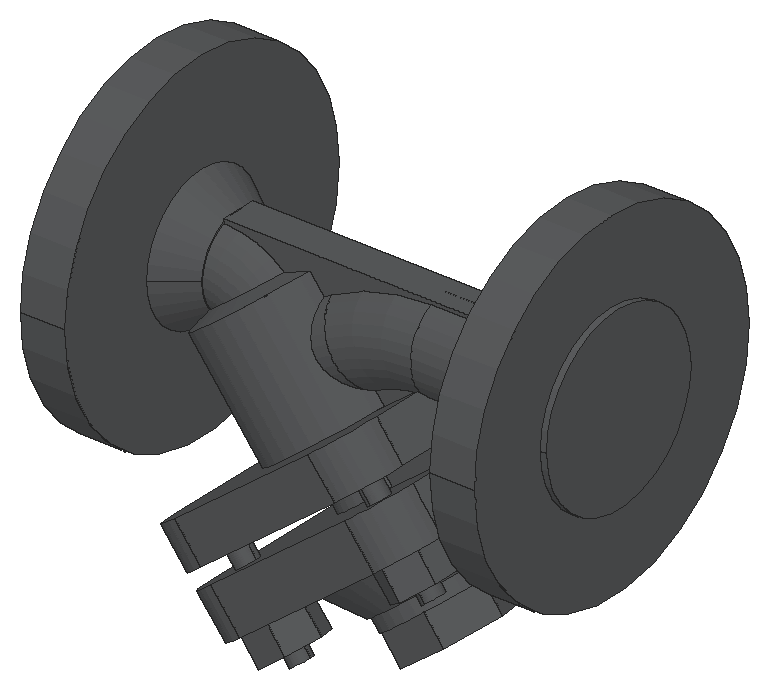
Revit family "FVF_DN15-300_PN16_RFA_1", category Pipe Accessories, Revit 2019
Family settings
  Round Connector Dimension = Use Diameter
  Part Type = Valve - Breaks Into
  OmniClass Number = 23.65.55.14.14
  OmniClass Title = Isolation Valves for Liquid Services
  Work Plane-Based = No
  Always vertical = Yes
  Cut with Voids When Loaded = No
  Shared = No
Parameters (values of type "FVF_DN15_PN16_065B7740")
  Weight = 2.20 kg
  W = D2  # 95 mm
  URL = "https://store.danfoss.com/en/Climate-Solutions-for-heating/Strainers/Strainers-for-District-Heating-and-District-Cooling/c/4071?q=%3Arelevance%3Adanfoss_producttypehierarchydesc%3Ac0f3d6ea79d70004a3a14d8528cae98d95d6f5b5&text="
  Pressure Drop [instance] = 0.0 Pa
  Number of meshes = "150/cm2"
  Nominal Pressure = "PN 16"  # constant formula
  Model Type = "FVF_DN15_PN16"
  Model = "065B7740, 065B7838"
  Min Medium Temperature = "-10 °C"  # constant formula
  Mesh Size = "0.54 mm"
  Max Medium Temperature = "150 °C"  # constant formula
  Manufacturer = "Danfoss"  # constant formula
  LOD 350 = not(LOD 200)  # yes
  LOD 200 = no
  L5 = 58.5 mm
  L_1 = 35 mm
  L4 = 5.7 mm
  L3 = 12.4 mm
  L2 = 81.2 mm
  L1 = 126 mm
  L = 130 mm
  Kvs = 5.3 m³/h
  IfcExportType = "FVF"  # constant formula
  IfcExportAs = "IfcValveType"  # constant formula
  H2 = D2 / 2  # 47.5 mm
  H1 = 81 mm
  H = H1 + (D2 / 2)  # 128.5 mm
  Flow [instance] = 0.0 m³/h
  Body Top = Strainer_top : 15
  Description = "Strainer"  # constant formula
  D4_2 = D4 / 2  # 12.5 mm
  D4 = 25 mm
  D3 = 38.8 mm
  D2 = 95 mm
  D1 = 49.8 mm
  D = 15 mm
  Connection = "Flange"  # constant formula
  Body Material = Danfoss Cast Iron
  A_R2 = D4 / 2 - 8 mm  # 4.5 mm
  A_R1 = 20 mm
  A_H2 = 5 mm
  A_H1 = 38.5 mm
  A = 52.00°
Types (15, lengths in mm): name | Weight | W | Number of meshes | Model Type | Model | Mesh Size | L5 | L_1 | L4 | L3 | L2 | L1 | L | Kvs | H2 | H1 | H | Body Top | D4_2 | D4 | D3 | D2 | D1 | D | A_R2 | A_R1 | A_H2 | A_H1 | A
  (no name) | 2.20 kg | 95 | "150/cm2" | "FVF_DN15_PN16" | "065B7740, 065B7838" | "0.54 mm" | 58.5 | 35 | 5.7 | 12.4 | 81.2 | 126 | 130 | 5.3 m³/h | 47.5 | 81 | 128.5 | Strainer_top : 15 | 12.5 | 25 | 38.8 | 95 | 49.8 | 15 | 4.5 | 20 | 5 | 38.5 | 52.00°
  FVF_DN100_PN16_065B7748 | 25.00 kg | 218 | "25/cm2" | "FVF_DN100_PN16" | "065B7748, 065B7842" | "1.18 mm" | 113 | 108.75 | 25.75 | 19.2 | 269 | 343 | 350 | 201.0 m³/h | 109 | 240 | 349 | Strainer_top : 100 | 57 | 114 | 140 | 218 | 158 | 100 | 49 | 71.5 | 30 | 192.6 | 45.00°
  FVF_DN150_PN16_065B7750 | 61.00 kg | 285 | "25/cm2" | "FVF_DN150_PN16" | "065B7750, 065B7844" | "1.18 mm" | 125 | 123.6 | 35 | 20.8 | 370 | 471.8 | 480 | 542.0 m³/h | 142.5 | 305 | 447.5 | Strainer_top : 150 | 83 | 166 | 202 | 285 | 212 | 150 | 75 | 107.2 | 71.288 | 256.288 | 45.00°
  FVF_DN200_PN16_065B7751 | 109.00 kg | 340 | "25/cm2" | "FVF_DN200_PN16" | "065B7751, 065B7845" | "1.18 mm" | 145 | 195 | 52 | 26.7 | 495 | 591.8 | 600 | 870.0 m³/h | 170 | 437 | 607 | Strainer_top : 200 | 113 | 226 | 259 | 340 | 268 | 200 | 105 | 140 | 76 | 407.4 | 45.00°
  FVF_DN250_PN16_065B7752 | 162.00 kg | 405 | "25/cm2" | "FVF_DN250_PN16" | "065B7752, 065B7846" | "1.18 mm" | 220 | 193 | 60 | 29 | 574.5 | 724 | 730 | 1260.0 m³/h | 202.5 | 466 | 668.5 | Strainer_top : 250 | 139 | 278 | 309 | 405 | 328 | 250 | 131 | 150 | 101 | 382 | 45.00°
  FVF_DN300_PN16_065B7753 | 280.00 kg | 460 | "25/cm2" | "FVF_DN300_PN16" | "065B7753, 065B7847" | "1.18 mm" | 150 | 232 | 82 | 28 | 712 | 842 | 850 | 1735.0 m³/h | 230 | 550 | 780 | Strainer_top : 300 | 166 | 332 | 362.5 | 460 | 386 | 300 | 158 | 176 | 98.4 | 465.8 | 45.00°
  FVF_DN125_PN16_065B7749 | 39.00 kg | 248 | "25/cm2" | "FVF_DN125_PN16" | "065B7749, 065B7843" | "1.18 mm" | 75 | 115 | 30.6 | 20.8 | 305.8 | 393 | 400 | 350.0 m³/h | 124 | 273 | 397 | Strainer_top : 125 | 71.45 | 142.9 | 172.3 | 248 | 191 | 125 | 63.45 | 96 | 45 | 227.4 | 45.00°
  FVF_DN80_PN16_065B7747 | 16.60 kg | 198 | "25/cm2" | "FVF_DN80_PN16" | "065B7747, 065B7761" | "1.18 mm" | 95 | 90.6 | 19.6 | 18 | 219.5 | 303 | 310 | 140.0 m³/h | 99 | 185 | 284 | Strainer_top : 80 | 46.5 | 93 | 119 | 198 | 138.6 | 80 | 38.5 | 61.3 | 28.5 | 139.5 | 45.00°
  FVF_DN65_PN16_065B7746 | 12.00 kg | 184 | "64/cm2" | "FVF_DN65_PN16" | "065B7746, 065B7760" | "0.87 mm" | 105 | 73.4 | 16.6 | 17.5 | 207.5 | 283 | 290 | 95.0 m³/h | 92 | 155 | 247 | Strainer_top : 65 | 38.5 | 77 | 93.6 | 184 | 125 | 65 | 30.5 | 54.8 | 25.6 | 122.9 | 45.00°
  FVF_DN50_PN16_065B7745 | 8.50 kg | 163 | "64/cm2" | "FVF_DN50_PN16" | "065B7745, 065B7759" | "0.87 mm" | 75 | 56.5 | 13.5 | 15.2 | 156.9 | 223.3 | 230 | 54.0 m³/h | 81.5 | 135 | 216.5 | Strainer_top : 50 | 31 | 62 | 82.8 | 163 | 109.3 | 50 | 23 | 43.8 | 20.5 | 100.6 | 45.00°
  FVF_DN40_PN16_065B7744 | 6.50 kg | 149.5 | "64/cm2" | "FVF_DN40_PN16" | "065B7744, 065B7758" | "0.87 mm" | 64 | 48.6 | 11.4 | 14.6 | 129.4 | 192.9 | 200 | 33.0 m³/h | 74.75 | 135 | 209.75 | Strainer_top : 40 | 25.5 | 51 | 73.2 | 149.5 | 95.7 | 40 | 17.5 | 38.5 | 19 | 82.7 | 45.00°
  FVF_DN32_PN16_065B7743 | 5.00 kg | 139.5 | "64/cm2" | "FVF_DN32_PN16" | "065B7743, 065B7841" | "0.87 mm" | 65 | 45.5 | 9.5 | 14.6 | 116.7 | 172.8 | 180 | 20.0 m³/h | 69.75 | 135 | 204.75 | Strainer_top : 32 | 21 | 42 | 62.5 | 139.5 | 87.8 | 32 | 13 | 32.4 | 16.5 | 64.3 | 45.00°
  FVF_DN25_PN16_065B7742 | 3.80 kg | 115 | "64/cm2" | "FVF_DN25_PN16" | "065B7742, 065B7840" | "0.87 mm" | 60 | 45 | 8 | 14 | 101 | 156 | 160 | 16.5 m³/h | 57.5 | 91 | 148.5 | Strainer_top : 25 | 17.5 | 35 | 53.4 | 115 | 72.8 | 25 | 9.5 | 28 | 6 | 56 | 45.00°
  FVF_DN20_PN16_065B7741 | 3.30 kg | 105 | "150/cm2" | "FVF_DN20_PN16" | "065B7741, 065B7839" | "0.54 mm" | 68.5 | 40 | 7.5 | 12.4 | 95 | 146 | 150 | 9.5 m³/h | 52.5 | 82 | 134.5 | Strainer_top : 20 | 15 | 30 | 46.8 | 105 | 62.8 | 20 | 7 | 21.288 | 5 | 39.5 | 52.00°
  FVF_DN15_PN16_065B7740 | 2.20 kg | 95 | "150/cm2" | "FVF_DN15_PN16" | "065B7740, 065B7838" | "0.54 mm" | 58.5 | 35 | 5.7 | 12.4 | 81.2 | 126 | 130 | 5.3 m³/h | 47.5 | 81 | 128.5 | Strainer_top : 15 | 12.5 | 25 | 38.8 | 95 | 49.8 | 15 | 4.5 | 20 | 5 | 38.5 | 52.00°
Reference planes
  plane 1 "Center (Front/Back)": y = -30
  plane 2: z = 0
  plane 3 "Center (Left/Right)": x = 5.25
  plane 4: y = -77.5
  plane 5: y = 17.5
  plane 6: x = 105.25
  plane 7: x = -24.75
  plane 8: x = -22.75
  plane 9: x = 103.25
  plane 10: x = -0.35
  plane 11: x = 80.85
  plane 12: z = 417.5
  plane 13: z = -47.5
  plane 14: x = 40.25
  plane 15 "Front_1": y = -25
  plane 16 "Front_2": y = -35
  plane 17: z = 47.5
  plane 18: z = -81
  plane 19: z = 12.5
  plane 20: x = -10.35
  plane 21: x = 90.85
  plane 22: x = 46.75
  plane 23: x = 126
  plane 24: x = 10.95
  plane 25: x = 41.05
  plane 26: x = 35.35
  plane 27: z = -5.7
  plane 28: x = -0.45
Forms (mm)
  Blend 1, solid, material "Danfoss Cast Iron" <- "Body Material", visible <- "LOD 350", detail levels fine
    base sketch origin (5.25, 0, 0) x (0, 1, 0) y (0, 0, 1)
      loop
        circle (-30, 0) r 12.5
    top sketch origin (5.25, 0, 0) x (0, 1, 0) y (0, 0, 1)
      loop
        circle (-30, 0) r 19.4
    from -5.6 to -15.6
  Blend 2, solid, material "Danfoss Cast Iron" <- "Body Material", visible <- "LOD 350", detail levels fine
    base sketch origin (0, 0, 0) x (0, 1, 0) y (0, 0, -1)
      loop
        circle (-30, 0) r 12.5
    top sketch origin (0, 0, 0) x (0, 1, 0) y (0, 0, -1)
      loop
        circle (-30, 0) r 19.4
    from -80.85 to -90.85
  Extrusion 3, solid, material "Danfoss Cast Iron" <- "Body Material", detail levels fine
    sketch origin (5.25, 0, 0) x (0, 1, 0) y (0, 0, 1)
      loop
        circle (-30, 0) r 47.5
    from 85.6 to 98
  Extrusion 4, solid, material "Danfoss Cast Iron" <- "Body Material", detail levels fine
    sketch origin (0, 0, 0) x (0, 1, 0) y (0, 0, -1)
      loop
        circle (-30, 0) r 47.5
    from 10.35 to 22.75
  Extrusion 5, solid, material "Danfoss Cast Iron" <- "Body Material", detail levels fine
    sketch origin (5.25, 0, 0) x (0, 1, 0) y (0, 0, 1)
      loop
        circle (-30, 0) r 24.9
    from 98 to 100
  Extrusion 6, solid, material "Danfoss Cast Iron" <- "Body Material", detail levels fine
    sketch origin (0, 0, 0) x (0, 1, 0) y (0, 0, -1)
      loop
        circle (-30, 0) r 24.9
    from 22.75 to 24.75
  Sweep 7, solid, material "Danfoss Cast Iron" <- "Body Material", visible <- "LOD 350", detail levels fine
    path origin (0, -30, 0) x (1, 0, 0) y (0, 0, 1)
      loop
        line (-10.35, 0) -> (-0.45, 0)
        arc (-0.45, 0) -> (5.923, -1.504) -> (10.95, -5.7) r 14.25
    profile origin (-5.4, -30, 0) x (0, 0, 1) y (0, -1, 0)
      loop
        circle (0, 0) r 12.5
  Sweep 8, solid, material "Danfoss Cast Iron" <- "Body Material", visible <- "LOD 350", detail levels fine
    path origin (0, -30, 0) x (1, 0, 0) y (0, 0, 1)
      loop
        line (80.85, 0) -> (57.416, 0)
        arc (57.416, 0) -> (46.021, -1.448) -> (35.35, -5.7) r 45.561
        line (35.35, -5.7) -> (17.447, -15.611)
    profile origin (69.133, -30, 0) x (0, 0, -1) y (0, -1, 0)
      loop
        circle (0, 0) r 12.5
  Extrusion 9, solid, material "Danfoss Cast Iron" <- "Body Material", visible <- "LOD 350", detail levels fine
    sketch origin (0, -30, 0) x (1, 0, 0) y (0, 0, 1)
      loop
        line (-0.35, 12.5) -> (-0.35, 0) -> (80.85, 0) -> (80.85, 12.5) -> (-0.35, 12.5)
    from -5 to 5
  Extrusion 10, solid, material "Danfoss Cast Iron" <- "Body Material", visible <- "LOD 200", detail levels fine
    sketch origin (5.25, 0, 0) x (0, 1, 0) y (0, 0, 1)
      loop
        circle (-30, 0) r 12.5
    from -15.6 to 85.6
  Extrusion 11, solid, material "Danfoss Cast Iron" <- "Body Material", visible <- "LOD 350", detail levels fine
    sketch origin (0, -30, 0) x (1, 0, 0) y (0, 0, 1)
      loop
        line (47.527, -54.112) -> (116.787, 0) -> (5.25, 0) -> (47.527, -54.112)
    from -5 to 5
  Extrusion 12, void, detail levels fine
    sketch origin (0, -30, 0) x (1, 0, 0) y (0, 0, 1)
      loop
        line (90.85, 0) -> (90.85, -47.5) -> (290.85, -47.5) -> (290.85, 0) -> (90.85, 0)
    from -47.5 to 47.5
  Revolve 13, solid, material "Danfoss Cast Iron" <- "Body Material", detail levels fine
    sketch origin (0, -30, 0) x (1, 0, 0) y (0, 0, 1)
      loop
        line (24.089, 8.373) -> (8.328, -3.94) -> (28.953, -30.338) -> (44.713, -18.025) -> (24.089, 8.373)
      axis (8.328, -3.94) -> (28.953, -30.338)
    angle from 0 to 360
  Revolve 14, solid, material "Danfoss Cast Iron" <- "Body Material", detail levels fine
    sketch origin (0, -30, 0) x (1, 0, 0) y (0, 0, 1)
      loop
        line (24.089, 8.373) -> (8.796, 2.77) -> (5.25, 0) -> (8.328, -3.94) -> (24.089, 8.373)
      axis (8.328, -3.94) -> (5.25, 0)
    angle from 0 to 360
Cuts and joins
  Extrusion 12 cuts Blend 2
  Extrusion 12 cuts Extrusion 10
  Extrusion 12 cuts Extrusion 11
Lines and regions (mm)
  reference lines
    curve 1: line (5.25, -30, 0) -> (273.063, -30, -342.785)
    curve 2: line (5.25, -30, 0) -> (320.454, -30, 246.265)
    curve 3: line (323.533, -30, 242.325) -> (8.328, -30, -3.94)
    curve 4: line (344.157, -30, 215.926) -> (28.953, -30, -30.338)
    curve 5: line (8.796, -30, 2.77) -> (276.609, -30, -340.014)
    curve 6: line (21.01, -30, 12.313) -> (288.823, -30, -330.471)
Dimensions and locks
  "L": plane 6 to plane 7
  "L1": plane 9 to plane 8
  "L2": plane 11 to plane 10
  "L_1": plane 14 to plane 3 "Center (Left/Right)"
  equal spacing: plane 6, plane 14, plane 7
  equal spacing: plane 9, plane 14, plane 8
  equal spacing: plane 11, plane 14, plane 10
  "D2": plane 4 to plane 5
  equal spacing: plane 4, plane 1 "Center (Front/Back)", plane 5
  equal spacing: plane 16 "Front_2", plane 1 "Center (Front/Back)", plane 15 "Front_1"
  plane 16 "Front_2" to plane 15 "Front_1" = 10 mm
  "H": plane 17 to plane 18
  "H1": plane 2 to plane 18
  "D4_2": plane 19 to plane 2
  "H2": plane 2 to plane 13
  "L3": plane 20 to plane 8
  "L3": plane 9 to plane 21
  "L5": plane 6 to plane 22
  equal spacing: plane 22, plane 25, plane 26
  "L4": plane 22 to plane 25
  "L4": plane 2 to plane 27
  equal spacing: plane 24, plane 3 "Center (Left/Right)", plane 28
  "L4": plane 3 "Center (Left/Right)" to plane 28
  Extrusion 12 sketch curve to plane 21 = 200 mm
  Extrusion 12 to plane 13 = 47.5 mm
  "A_H2": curve 3 to curve 2
  "A_H1": curve 4 to curve 2
  "A_R2": curve 1 to curve 5
  "A_R1": curve 1 to curve 6
  curve 1 to curve 1 = 435 mm
  curve 2 to curve 2 = 400 mm
  curve 3 to curve 3 = 400 mm
  curve 4 to curve 4 = 400 mm
  curve 5 to curve 5 = 435 mm
  curve 6 to curve 6 = 435 mm
  "D4": diameter of Blend 1 sketch curve
  "D3": diameter of Blend 1 sketch curve
  "D4": diameter of Blend 2 sketch curve
  "D3": diameter of Blend 2 sketch curve
  "D2": diameter of Extrusion 3 sketch curve
  "D2": diameter of Extrusion 4 sketch curve
  "D1": diameter of Extrusion 5 sketch curve
  "D1": diameter of Extrusion 6 sketch curve
  "D4": diameter of Sweep 7 sketch curve
  "D4": diameter of Sweep 8 sketch curve
  "D4": diameter of Extrusion 10 sketch curve
  "A": angle curve 1 to plane 2
  locked: curve 1 to curve 2 (angle 90.00°)
  "A": angle nested 2 to plane 2
  aligned and locked: level to plane 2
  aligned and locked: plane 10 to Blend 1
  aligned and locked: plane 9 to Extrusion 3
  aligned and locked: Extrusion 4 to plane 8
  aligned and locked: plane 6 to Extrusion 5
  aligned and locked: Extrusion 5 to plane 9
  aligned and locked: Extrusion 6 to plane 7
  aligned and locked: plane 8 to Extrusion 6
  aligned and locked: Blend 2 to plane 11
  aligned and locked: plane 1 "Center (Front/Back)" to nested 1
  aligned and locked: nested 1 to plane 2
  aligned and locked: plane 20 to Extrusion 4
  aligned and locked: Extrusion 3 to plane 21
  aligned and locked: Blend 1 to plane 20
  aligned and locked: plane 21 to Blend 2
  aligned and locked: plane 7 to nested 1
  aligned and locked: plane 20 to Sweep 7 sketch curve
  aligned and locked: Sweep 7 sketch curve to plane 2
  aligned and locked: plane 11 to Sweep 8 sketch curve
  aligned and locked: plane 26 to Sweep 8 sketch curve
  aligned and locked: plane 27 to Sweep 8 sketch curve
  aligned and locked: Extrusion 9 sketch curve to plane 19
  aligned and locked: Extrusion 9 sketch curve to plane 10
  aligned and locked: Extrusion 9 sketch curve to plane 2
  aligned and locked: Extrusion 9 to plane 15 "Front_1"
  aligned and locked: plane 16 "Front_2" to Extrusion 9
  aligned and locked: Blend 2 to Extrusion 10
  aligned and locked: Blend 1 to Extrusion 10
  aligned and locked: plane 28 to Sweep 7 sketch curve
  aligned and locked: plane 24 to Sweep 7 sketch curve
  aligned and locked: plane 27 to Sweep 7 sketch curve
  aligned and locked: Extrusion 11 to plane 15 "Front_1"
  aligned and locked: plane 16 "Front_2" to Extrusion 11
  aligned and locked: Extrusion 11 sketch curve to plane 2
  aligned and locked: plane 1 "Center (Front/Back)" to nested 2
  aligned and locked: Extrusion 12 sketch curve to Blend 2
  aligned and locked: Extrusion 12 sketch curve to Extrusion 3
  aligned and locked: plane 13 to Extrusion 12 sketch curve
  aligned and locked: plane 4 to Extrusion 12
  aligned and locked: Extrusion 12 to plane 5
  aligned and locked: curve 3 to Revolve 13 sketch curve
  aligned and locked: curve 4 to Revolve 13 sketch curve
  aligned and locked: curve 1 to Revolve 13 sketch curve
  aligned and locked: Revolve 13 sketch curve to Revolve 13 sketch curve  (x2)
  aligned and locked: curve 6 to Revolve 13 sketch curve
  aligned and locked: Revolve 14 sketch curve to curve 2
  aligned and locked: Revolve 14 sketch curve to curve 1
  aligned and locked: Revolve 14 sketch curve to Revolve 14 sketch curve  (x2)
  aligned and locked: curve 1 to nested 2
  aligned and locked: Revolve 14 sketch curve to curve 5
  aligned and locked: Revolve 13 to Revolve 14 sketch curve
  aligned and locked: curve 6 to Revolve 14 sketch curve
  aligned and locked: curve 1 to Sweep 8 sketch curve
  aligned and locked: curve 4 to nested 2
  aligned and locked: Extrusion 9 sketch curve to plane 11
  aligned and locked: Extrusion 11 sketch curve to curve 1
Automatic sketch dimensions
  Sweep 8 sketch curve to level = 0 mm
  plane 22 to Sweep 8 sketch curve = 10.666 mm
  Revolve 13 sketch curve to Revolve 13 sketch curve = 0.183 mm
  Revolve 14 sketch curve to level = 0 mm
  Extrusion 11 sketch curve to plane 13 = 6.612 mm
  curve 2 to level = 0 mm
  curve 2 to plane 3 "Center (Left/Right)" = 0 mm
  Blend 1 sketch curve to level = 0 mm  (x2)
  Blend 1 sketch curve to plane 1 "Center (Front/Back)" = 0 mm  (x2)
  Blend 2 sketch curve to level = 0 mm  (x2)
  Blend 2 sketch curve to plane 1 "Center (Front/Back)" = 0 mm  (x2)
  Extrusion 3 sketch curve to level = 0 mm
  Extrusion 3 sketch curve to plane 1 "Center (Front/Back)" = 0 mm
  Extrusion 4 sketch curve to level = 0 mm
  Extrusion 4 sketch curve to plane 1 "Center (Front/Back)" = 0 mm
  Extrusion 5 sketch curve to level = 0 mm
  Extrusion 5 sketch curve to plane 1 "Center (Front/Back)" = 0 mm
  Extrusion 6 sketch curve to level = 0 mm
  Extrusion 6 sketch curve to plane 1 "Center (Front/Back)" = 0 mm
  Sweep 7 sketch curve to plane 1 "Center (Front/Back)" = 0 mm
  profile plane to Sweep 7 sketch curve = 0 mm
  Sweep 8 sketch curve to plane 1 "Center (Front/Back)" = 0 mm
  Sweep 8 sketch curve to profile plane = 0 mm
  Extrusion 10 sketch curve to level = 0 mm
  Extrusion 10 sketch curve to plane 1 "Center (Front/Back)" = 0 mm
Nested families
  nested 1: "Schematic_Strainer_Flange" at (40.25, -30, 0), type "Schematic_Strainer_Flange", detail levels coarse+medium
    with L3 6.5 mm, L2 52 mm, L1 7.429 mm, L 130 mm, H1 18.571 mm, H 65 mm, D1 95 mm
  nested 2: "Strainer_top" at (47.115, -30, -53.585) x (-0.788, 0, -0.6157) z (0.6157, 0, -0.788), type <- "Body Top", LOD 200 <- "LOD 200", type "15", detail levels fine
    with LOD 350_Square yes, LOD 350_Round no, LOD 350 yes, LOD 200_Square no, LOD 200_Round no, LOD 200 no
Connectors
  piping at (105.25, -30, 0), diameter 15, driven by "D", driven by "Flow"
    settings: on Extrusion 5, index 1, connector inside diameter 609.6 mm, connector length 0 mm, flow factor 0, pipe flow 0.0 m³/h, pressure drop 0.0 Pa, fitting loss kfactor 0, connector angle 0.00°, fixture units 0, engagement length 0 mm, angle of deflection 0.00°, flow configuration 0, flow direction 2, fitting loss method 0, system type 29, joint type 0, gender type 0, connector reference index 2, connector utility 0, adjustable connector no, is connector primary yes, connector description ""
  piping at (-24.75, -30, 0), diameter 15, driven by "D", driven by "Flow"
    settings: on Extrusion 6, index 2, connector inside diameter 609.6 mm, connector length 0 mm, flow factor 0, pipe flow 0.0 m³/h, pressure drop 0.0 Pa, fitting loss kfactor 0, connector angle 0.00°, fixture units 0, engagement length 0 mm, angle of deflection 0.00°, flow configuration 0, flow direction 1, fitting loss method 0, system type 29, joint type 0, gender type 0, connector reference index 1, connector utility 0, adjustable connector no, is connector primary no, connector description ""
Definition of nested family "Strainer_top"
  Parameters (values of type "15")
    n = 4
    W1 = 65.5 mm
    R2 = 12 mm
    R1 = W1 / 2  # 32.75 mm
    Nut Type = Common nut : NUT30
    LOD 350_Square [instance] = if(and(LOD 350, n = 4), 1 = 1, 1 = 0)  # yes
    LOD 350_Round [instance] = if(and(LOD 350, n > 4), 1 = 1, 1 = 0)  # no
    LOD 350 [instance] = not(LOD 200)  # yes
    LOD 200_Square [instance] = if(and(LOD 200, n = 4), 1 = 1, 1 = 0)  # no
    LOD 200_Round [instance] = if(and(LOD 200, n > 4), 1 = 1, 1 = 0)  # no
    LOD 200 [instance] = no
    H4 = 39.5 mm
    H3 = 13 mm
    H2 = 4.5 mm
    H1 = 12 mm
    H = 52.5 mm
    D4 = 31.9 mm
    D2 = if(D1 < 150 mm, D1 - 50 mm, D1 - 100 mm)  # 21 mm
    D1 = 71 mm
    D3 = 46.7 mm
    Bolt Type = Bolt : 16
    Body Material = none
    A = 45.00°
  Types (15, lengths in mm): name | n | W1 | R2 | R1 | Nut Type | LOD 350_Square | LOD 350_Round | H4 | H3 | H2 | H1 | H | D4 | D2 | D1 | D3 | Bolt Type | A
    (no name) | 4 | 65.5 | 12 | 32.75 | Common nut : NUT30 | yes | no | 39.5 | 13 | 4.5 | 12 | 52.5 | 31.9 | 21 | 71 | 46.7 | Bolt : 16 | 45.00°
    300 | 16 | 416.8 | 17 | 208.4 | Common nut : NUT37 | no | yes | 102.6 | 26 | 6 | 33 | 119 | 40 | 370 | 470 | 370 | Bolt : 30 | 22.50°
    250 | 12 | 347.7 | 17 | 173.85 | Common nut : NUT37 | no | yes | 75.5 | 31 | 4.5 | 32 | 95.5 | 215 | 304 | 404 | 273 | Bolt : 30 | 30.00°
    200 | 12 | 251.6 | 17 | 125.8 | Common nut : NUT24 | no | yes | 75 | 22 | 3.5 | 32.3 | 86 | 33 | 190 | 290 | 170 | Bolt : 24 | 30.00°
    150 | 10 | 190 | 17 | 95 | Common nut : NUT37 | no | yes | 64 | 16 | 1.5 | 31 | 80 | 42 | 132 | 232 | 197.6 | Bolt : 24 | 36.00°
    100 | 10 | 154.8 | 17 | 77.4 | Common nut : NUT30 | no | yes | 47.3 | 14 | 5.4 | 19.5 | 67.3 | 32 | 92 | 192 | 147.8 | Bolt : 24 | 36.00°
    125 | 8 | 166 | 17 | 83 | Common nut : NUT37 | no | yes | 55.9 | 15 | 1.5 | 29.3 | 72.4 | 42 | 114 | 214 | 172 | Bolt : 24 | 45.00°
    80 | 4 | 135 | 17 | 67.5 | Common nut : NUT37 | yes | no | 55 | 19 | 3.5 | 24 | 71.5 | 82.5 | 86 | 136 | 98.7 | Bolt : 24 | 45.00°
    65 | 4 | 115 | 13.5 | 57.5 | Common nut : NUT24 | yes | no | 50.2 | 17 | 3.5 | 16.7 | 60.5 | 33 | 61 | 111 | 90.4 | Bolt : 18 | 45.00°
    50 | 4 | 98 | 13.5 | 49 | Common nut : NUT30 | yes | no | 47.4 | 16 | 3 | 16.9 | 60.5 | 31.5 | 49 | 99 | 70 | Bolt : 18 | 45.00°
    40 | 4 | 88 | 13.5 | 44 | Common nut : NUT30 | yes | no | 47.4 | 16 | 2.5 | 17.4 | 60.5 | 31.5 | 41 | 91 | 60 | Bolt : 18 | 45.00°
    32 | 4 | 72 | 12 | 36 | Common nut : NUT30 | yes | no | 40.7 | 13 | 3.5 | 14.2 | 53.5 | 31.9 | 26 | 76 | 48 | Bolt : 16 | 45.00°
    25 | 4 | 72 | 12 | 36 | Common nut : NUT30 | yes | no | 39.5 | 13 | 4.5 | 12 | 52.5 | 31.9 | 26 | 76 | 48 | Bolt : 16 | 45.00°
    20 | 4 | 65.5 | 12 | 32.75 | Common nut : NUT30 | yes | no | 39.5 | 13 | 4.5 | 12 | 52.5 | 31.9 | 21 | 71 | 46.7 | Bolt : 16 | 45.00°
    15 | 4 | 65.5 | 12 | 32.75 | Common nut : NUT30 | yes | no | 39.5 | 13 | 4.5 | 12 | 52.5 | 31.9 | 21 | 71 | 46.7 | Bolt : 16 | 45.00°
  Reference planes
    plane 1 "Center (Front/Back)": y = 0
    plane 2: z = 0
    plane 3 "Center (Left/Right)": x = 0
    plane 4: z = -17.5
    plane 5: z = -13
    plane 6: z = 10
    plane 7: y = 32.75
    plane 8: y = -32.75
    plane 9: through (0, 0, 1200) normal (-0.7071, -0.7071, 0)
    plane 10: z = -29.5
    plane 11: z = 23
    plane 12: y = 35.5
    plane 13: y = -35.5
    plane 14: x = 35.5
    plane 15: x = -35.5
  Forms (mm)
    Extrusion 1, solid, material <- "Body Material", visible <- "LOD 350_Round", detail levels fine
      sketch origin (0, 0, 0) x (1, 0, 0) y (0, 1, 0)
        loop
          circle (0, 0) r 35.5
      from -29.5 to -17.5
    Extrusion 2, solid, material <- "Body Material", visible <- "LOD 350", detail levels fine
      sketch origin (0, 0, 0) x (1, 0, 0) y (0, 1, 0)
        loop
          circle (0, 0) r 10.5
      from -17.5 to -13
    Extrusion 3, solid, material <- "Body Material", visible <- "LOD 350_Round", detail levels fine
      sketch origin (0, 0, 0) x (1, 0, 0) y (0, 1, 0)
        loop
          circle (0, 0) r 35.5
      from -13 to 0
    Blend 4, solid, material <- "Body Material", visible <- "LOD 350", detail levels fine
      base sketch origin (0, 0, 0) x (1, 0, 0) y (0, 1, 0)
        loop
          circle (0, 0) r 23.35
      top sketch origin (0, 0, 0) x (1, 0, 0) y (0, 1, 0)
        loop
          circle (0, 0) r 15.95
      from 0 to 10
    Extrusion 5, solid, material <- "Body Material", visible <- "LOD 200_Round", detail levels fine
      sketch origin (0, 0, 0) x (1, 0, 0) y (0, 1, 0)
        loop
          circle (0, 0) r 35.5
      from -29.5 to 23
    Extrusion 6, solid, material <- "Body Material", visible <- "LOD 350_Square"
      sketch origin (0, 0, 0) x (1, 0, 0) y (0, 1, 0)
        loop
          arc (-23.5, 35.5) -> (-31.985, 31.985) -> (-35.5, 23.5) r 12
          line (-35.5, 23.5) -> (-35.5, -23.5)
          arc (-35.5, -23.5) -> (-31.985, -31.985) -> (-23.5, -35.5) r 12
          line (-23.5, -35.5) -> (23.5, -35.5)
          arc (23.5, -35.5) -> (31.985, -31.985) -> (35.5, -23.5) r 12
          line (35.5, -23.5) -> (35.5, 23.5)
          arc (35.5, 23.5) -> (31.985, 31.985) -> (23.5, 35.5) r 12
          line (23.5, 35.5) -> (-23.5, 35.5)
      from -29.5 to -17.5
    Extrusion 7, solid, material <- "Body Material", visible <- "LOD 200_Square"
      sketch origin (0, 0, 0) x (1, 0, 0) y (0, 1, 0)
        loop
          line (-35.5, 35.5) -> (-35.5, -35.5) -> (35.5, -35.5) -> (35.5, 35.5) -> (-35.5, 35.5)
      from -29.5 to 23
    Extrusion 8, solid, material <- "Body Material", visible <- "LOD 350_Square"
      sketch origin (0, 0, 24.9) x (1, 0, 0) y (0, 1, 0)
        loop
          arc (-23.5, 35.5) -> (-31.985, 31.985) -> (-35.5, 23.5) r 12
          line (-35.5, 23.5) -> (-35.5, -23.5)
          arc (-35.5, -23.5) -> (-31.985, -31.985) -> (-23.5, -35.5) r 12
          line (-23.5, -35.5) -> (23.5, -35.5)
          arc (23.5, -35.5) -> (31.985, -31.985) -> (35.5, -23.5) r 12
          line (35.5, -23.5) -> (35.5, 23.5)
          arc (35.5, 23.5) -> (31.985, 31.985) -> (23.5, 35.5) r 12
          line (23.5, 35.5) -> (-23.5, 35.5)
      from -37.9 to -24.9
  Dimensions and locks
    "H2": plane 5 to plane 4
    equal spacing: plane 8, plane 1 "Center (Front/Back)", plane 7
    "W1": plane 8 to plane 7
    "H1": plane 4 to plane 10
    "H4": plane 6 to plane 10
    "H3": level to plane 5
    "H": plane 11 to plane 10
    equal spacing: plane 15, plane 3 "Center (Left/Right)", plane 14
    "D1": plane 15 to plane 14
    equal spacing: plane 13, plane 1 "Center (Front/Back)", plane 12
    "D1": plane 13 to plane 12
    "D1": diameter of Extrusion 1 sketch curve
    "D2": diameter of Extrusion 2 sketch curve
    "D1": diameter of Extrusion 3 sketch curve
    "D3": diameter of Blend 4 sketch curve
    "D4": diameter of Blend 4 sketch curve
    "D1": diameter of Extrusion 5 sketch curve
    "R2": radius of Extrusion 6 sketch curve  (x4)
    "R2": radius of Extrusion 8 sketch curve  (x4)
    "R1": radius of radial array
    "A": angle plane 3 "Center (Left/Right)" to plane 9
    aligned and locked: level to plane 2
    aligned and locked: plane 4 to Extrusion 1
    aligned and locked: plane 5 to Extrusion 2
    aligned and locked: Extrusion 2 to plane 4
    aligned and locked: Extrusion 3 to plane 5
    aligned and locked: plane 6 to Blend 4
    aligned and locked: plane 6 to nested 1
    aligned and locked: plane 3 "Center (Left/Right)" to nested 1
    aligned and locked: plane 1 "Center (Front/Back)" to nested 1
    aligned and locked: Extrusion 1 to plane 10
    aligned and locked: level to Extrusion 3
    aligned and locked: Blend 4 to level
    aligned and locked: Extrusion 5 to Extrusion 1
    aligned and locked: plane 11 to Extrusion 5
    aligned and locked: plane 12 to Extrusion 6 sketch curve
    aligned and locked: plane 15 to Extrusion 6 sketch curve
    aligned and locked: Extrusion 6 sketch curve to plane 13
    aligned and locked: Extrusion 6 sketch curve to plane 14
    aligned and locked: plane 12 to Extrusion 7 sketch curve
    aligned and locked: plane 15 to Extrusion 7 sketch curve
    aligned and locked: Extrusion 7 sketch curve to plane 13
    aligned and locked: Extrusion 7 sketch curve to plane 14
    aligned and locked: Extrusion 6 to plane 10
    aligned and locked: plane 4 to Extrusion 6
    aligned and locked: level to Extrusion 8
    aligned and locked: Extrusion 8 to plane 5
    aligned and locked: plane 15 to Extrusion 8 sketch curve
    aligned and locked: plane 12 to Extrusion 8 sketch curve
    aligned and locked: Extrusion 8 sketch curve to plane 14
    aligned and locked: Extrusion 8 sketch curve to plane 13
    aligned and locked: Extrusion 7 to plane 10
    aligned and locked: plane 11 to Extrusion 7
  Automatic sketch dimensions
    plane 1 "Center (Front/Back)" to Extrusion 1 sketch curve = 0 mm
    Extrusion 1 sketch curve to plane 3 "Center (Left/Right)" = 0 mm
    plane 1 "Center (Front/Back)" to Extrusion 2 sketch curve = 0 mm
    Extrusion 2 sketch curve to plane 3 "Center (Left/Right)" = 0 mm
    plane 1 "Center (Front/Back)" to Extrusion 3 sketch curve = 0 mm
    Extrusion 3 sketch curve to plane 3 "Center (Left/Right)" = 0 mm
    plane 1 "Center (Front/Back)" to Blend 4 sketch curve = 0 mm  (x2)
    Blend 4 sketch curve to plane 3 "Center (Left/Right)" = 0 mm  (x2)
    plane 1 "Center (Front/Back)" to Extrusion 5 sketch curve = 0 mm
    Extrusion 5 sketch curve to plane 3 "Center (Left/Right)" = 0 mm
  Nested families
    nested 1: "Common nut" at (0, 0, 10) x (0, 0, 1) z (0, -1, 0), Body Material <- "Body Material", type <- "Nut Type", visible <- "LOD 350", type "NUT30", detail levels fine
      with Body Material none
    nested 2: "Bolt" at (-23.158, 23.158, 0), type <- "Bolt Type", visible <- "LOD 350", type "16"
    nested 3: "Bolt" at (23.158, 23.158, 0) x (0, -1, 0) z (0, 0, 1), type <- "Bolt Type", visible <- "LOD 350", type "16"
    nested 4: "Bolt" at (-23.158, -23.158, 0) x (0, 1, 0) z (0, 0, 1), type <- "Bolt Type", visible <- "LOD 350", type "16"
    nested 5: "Bolt" at (23.158, -23.158, 0) x (-1, 0, 0) z (0, 0, 1), type <- "Bolt Type", visible <- "LOD 350", type "16"
  Definition of nested family "Common nut"
    Parameters (values of type "NUT24")
      W_nut = 18 mm
      Tw = 3 mm
      Depth = 10 mm
      Default Elevation = 1219.2 mm
      D = 24 mm
      Body Material [instance] = none
    Types (6, lengths in mm): name | W_nut | Tw | Depth | D
      NUT44 | 38 | 4 | 26 | 44
      NUT30 | 26 | 4 | 13 | 30
      NUT66 | 55 | 15 | 51 | 66
      NUT70 | 57 | 20 | 46 | 70
      NUT37 | 30 | 3 | 16 | 37
      NUT24 | 18 | 3 | 10 | 24
    Reference planes
      plane 1 "Center (Front/Back)": y = 0
      plane 2: z = 0
      plane 3 "Center (Left/Right)": x = 0
      plane 4: x = 10
      plane 5: x = 3
    Forms (mm)
      Extrusion 1, solid, material <- "Body Material", detail levels medium+fine
        sketch origin (0, 0, 0) x (0, 1, 0) y (0, 0, 1)
          loop
            circle (0, 0) r 12
        from 0 to 3
      Extrusion 2, solid, material <- "Body Material", detail levels medium+fine
        sketch origin (3, 0, 0) x (0, 1, 0) y (0, 0, 1)
          loop
            line (-5.196, 9) -> (-10.392, 0) -> (-5.196, -9) -> (5.196, -9) -> (10.392, 0) -> (5.196, 9) -> (-5.196, 9)
        from 0 to 7
    Dimensions and locks
      "Depth": plane 4 to plane 3 "Center (Left/Right)"
      equal spacing: Extrusion 2 sketch curve, level, Extrusion 2 sketch curve
      "W_nut": Extrusion 2 sketch curve to Extrusion 2 sketch curve  (x3)
      equal spacing: Extrusion 2 sketch curve, plane 1 "Center (Front/Back)", Extrusion 2 sketch curve  (x2)
      "Tw": plane 5 to plane 3 "Center (Left/Right)"
      "D": diameter of Extrusion 1 sketch curve
      angle Extrusion 2 sketch curve to Extrusion 2 sketch curve = 120.00°  (x4)
      aligned and locked: level to plane 2
      aligned and locked: plane 4 to Extrusion 2
      aligned and locked: Extrusion 1 to Extrusion 2
      aligned and locked: Extrusion 2 to plane 5
    Automatic sketch dimensions
      Extrusion 1 sketch curve to level = 0 mm
      Extrusion 1 sketch curve to plane 1 "Center (Front/Back)" = 0 mm
  Definition of nested family "Bolt"
    Parameters (values of type "16")
      H2 = 8.4 mm
      H1 = H * 1.5  # 17.25 mm
      H = 11.5 mm
      D2 = D1 - 10 mm  # 6 mm
      D1 = 16 mm
      Body Material = none
    Types (5, lengths in mm): name | H2 | H1 | H | D2 | D1
      (no name) | 8.4 | 17.25 | 11.5 | 6 | 16
      30 | 18 | 42 | 28 | 20 | 30
      24 | 14.8 | 33.75 | 22.5 | 14 | 24
      18 | 10.8 | 20.25 | 13.5 | 8 | 18
      16 | 8.4 | 17.25 | 11.5 | 6 | 16
    Reference planes
      plane 1 "Center (Front/Back)": y = 0
      plane 2: z = 0
      plane 3 "Center (Left/Right)": x = 0
      plane 4: z = 8.4
      plane 5: z = 11.5
      plane 6: z = -17.25
    Forms (mm)
      Extrusion 1, solid, material <- "Body Material"
        sketch origin (0, 0, 0) x (1, 0, 0) y (0, 1, 0)
          loop
            line (-4.619, 8) -> (-9.238, 0) -> (-4.619, -8) -> (4.619, -8) -> (9.238, 0) -> (4.619, 8) -> (-4.619, 8)
        from 0 to 8.4
      Extrusion 2, solid, material <- "Body Material"
        sketch origin (0, 0, 0) x (1, 0, 0) y (0, 1, 0)
          loop
            circle (0, 0) r 3
        from -17.25 to 11.5
    Dimensions and locks
      "H": plane 5 to level
      equal spacing: Extrusion 1 sketch curve, plane 3 "Center (Left/Right)", Extrusion 1 sketch curve  (x2)
      equal spacing: Extrusion 1 sketch curve, plane 1 "Center (Front/Back)", Extrusion 1 sketch curve
      "D1": Extrusion 1 sketch curve to Extrusion 1 sketch curve  (x3)
      "H1": level to plane 6
      "H2": plane 4 to plane 2
      "D2": diameter of Extrusion 2 sketch curve
      angle Extrusion 1 sketch curve to Extrusion 1 sketch curve = 120.00°  (x3)
      aligned and locked: level to plane 2
      aligned and locked: plane 4 to Extrusion 1
      aligned and locked: Extrusion 1 to level
      aligned and locked: plane 5 to Extrusion 2
      aligned and locked: Extrusion 2 to plane 6
    Automatic sketch dimensions
      plane 1 "Center (Front/Back)" to Extrusion 2 sketch curve = 0 mm
      Extrusion 2 sketch curve to plane 3 "Center (Left/Right)" = 0 mm
Definition of nested family "Schematic_Strainer_Flange"
  Parameters (values of type "Schematic_Strainer_Flange")
    L3 = L * 1.5 / 30  # 51 mm
    L2 = L * 2 / 5  # 408 mm
    L1 = L2 / 7  # 58.286 mm
    L = 1020 mm
    H1 = H * 2 / 7  # 145.714 mm
    H = L / 2  # 510 mm
    D1 = 340 mm
  Reference planes
    plane 1 "Center (Front/Back)": y = 0
    plane 2: z = 0
    plane 3 "Center (Left/Right)": x = 0
    plane 4: z = -170
    plane 5: z = 170
    plane 6: x = -510
    plane 7: x = 510
    plane 8: z = -510
    plane 9: x = 58.286
    plane 10: x = 408
    plane 11: y = 170
    plane 12: y = -170
    plane 13: y = 510
    plane 14: z = -26.786
    plane 15: x = -459
    plane 16: x = 459
  Lines and regions (mm)
    model lines
      curve 1: line (-510, 0, 170) -> (-510, 0, -170)
      curve 2: line (510, 0, 170) -> (510, 0, -170)
      curve 5: line (-459, 0, 0) -> (459, 0, 0)
      curve 7: line (0, 0, 0) -> (234.019, 0, -334.214)
      curve 8: line (408, 0, -212.391) -> (58.286, 0, -457.264)
      curve 11: line (-459, 0, 170) -> (-459, 0, -170)
      curve 12: line (459, 0, 170) -> (459, 0, -170)
    symbolic lines
      curve 3: line (-510, 169.921, 0) -> (-510, -169.921, 0)
      curve 4: line (510, 169.921, 0) -> (510, -169.921, 0)
      curve 6: line (-459, 0, 0) -> (459, 0, 0)
      curve 9: line (0, 0, 0) -> (234.019, -334.214, 0)
      curve 10: line (408, -212.391, 0) -> (58.286, -457.264, 0)
      curve 13: line (-459, 170, 0) -> (-459, -170, 0)
      curve 14: line (459, 170, 0) -> (459, -170, 0)
  Dimensions and locks
    equal spacing: plane 5, level, plane 4
    "D1": plane 5 to plane 4
    equal spacing: plane 7, plane 3 "Center (Left/Right)", plane 6
    "L": plane 7 to plane 6
    "H": plane 8 to plane 2
    "L2": plane 3 "Center (Left/Right)" to plane 10
    "H": plane 1 "Center (Front/Back)" to plane 13
    equal spacing: plane 12, plane 1 "Center (Front/Back)", plane 11
    "D1": plane 12 to plane 11
    "L1": plane 3 "Center (Left/Right)" to plane 9
    "L2": curve 7 to curve 7
    "L2": curve 9 to curve 9
    "L3": plane 15 to plane 6
    "L3": plane 7 to plane 16
    angle plane 2 to curve 7 = 125.00°
    angle plane 1 "Center (Front/Back)" to curve 9 = 125.00°
    locked: curve 9 to curve 10 (angle 90.00°)
    locked: curve 7 to curve 8 (angle 90.00°)
    aligned and locked: level to plane 2
    aligned and locked: curve 6 to curve 5
    aligned and locked: curve 8 to plane 10
    aligned and locked: curve 8 to plane 9
    aligned and locked: curve 1 to plane 6
    aligned and locked: curve 2 to plane 7
    aligned and locked: plane 9 to curve 10
    aligned and locked: plane 10 to curve 10
    aligned and locked: curve 3 to plane 6
    aligned and locked: curve 4 to plane 7
    aligned and locked: plane 5 to curve 11
    aligned and locked: plane 5 to curve 12
    aligned and locked: curve 12 to plane 16
  Automatic sketch dimensions
    curve 11 to plane 15 = 0 mm
    curve 7 to level = 0 mm
    curve 7 to plane 3 "Center (Left/Right)" = 0 mm
    curve 2 to plane 4 = 0 mm
    curve 11 to plane 4 = 0 mm
    curve 1 to plane 4 = 0 mm
    curve 12 to plane 4 = 0 mm
    curve 2 to plane 5 = 0 mm
    curve 1 to plane 5 = 0 mm
    plane 11 to curve 13 = 0 mm
    curve 13 to plane 15 = 0 mm
    curve 6 to plane 15 = 0 mm
    curve 9 to plane 3 "Center (Left/Right)" = 0 mm
    plane 12 to curve 14 = 0 mm
    curve 14 to plane 16 = 0 mm
    curve 6 to plane 16 = 0 mm
    plane 12 to curve 13 = 0 mm
    plane 11 to curve 14 = 0 mm
    curve 4 to plane 12 = 0.079 mm
    curve 3 to plane 12 = 0.079 mm
    plane 11 to curve 4 = 0.079 mm
    plane 11 to curve 3 = 0.079 mm
